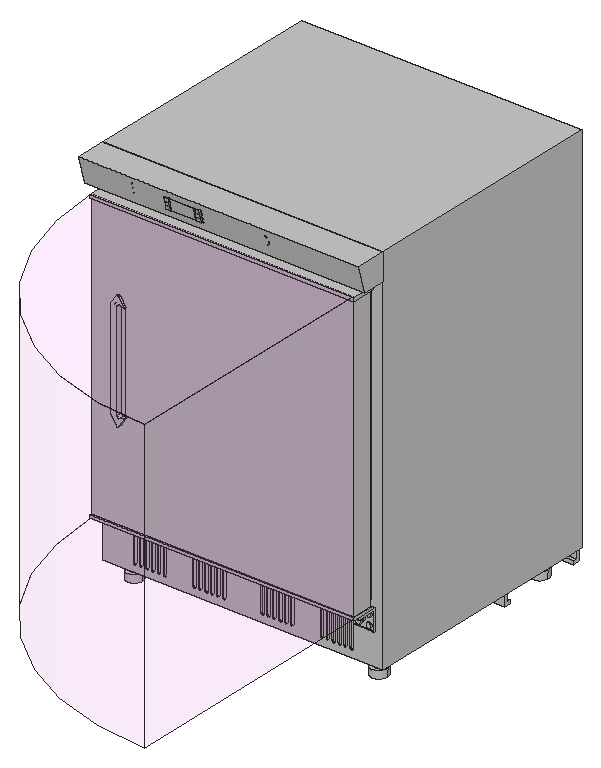
Revit family "QF_Kelvinator_738324_KCHUC23F_1-Solid_Door_ADA_Height_Under_Counter_Freezer_24_Long", category Specialty Equipment, Revit 2021
Family settings
  Round Connector Dimension = Use Diameter
  Part Type = Normal
  Work Plane-Based = No
  Always vertical = Yes
  Cut with Voids When Loaded = No
  Shared = No
  Room Calculation Point = No
Parameters
  Weight in Pounds = 101.413
  Watts = 200 W
  Volts = 115 V
  URL Cutsheet = ""
  Specification by User = ""
  Specification by Manufacturer = ""
  Show Clearance [instance] = yes
  Serial Number = ""
  Seismic Rating = ""
  SMACNA No = ""
  Revision Code = ""
  Refrigerant Type = "R290"
  Phase = 1
  Number of Poles = 1
  NAFEM Spec ID Number = ""
  Model = "738324 (KCHUC23F)"
  Min Ckt Ampacity = 0 A
  Max Overcurrent Protection = 0 A
  Masterspec = ""
  Manufacturer = "Kelvinator Commercial"
  Length = 23.622"
  Item Number = "738324"
  Installed By = ""
  Identify Quantity as Lot = yes
  Height = 33.03125"
  HP = "1/4"
  Furnished By = ""
  Foodservice Equipment Identifier = yes
  FL Amps = 2 A
  Electrical Remarks = ""
  Electric Connection Type = ""
  Elec Conn RI Height = 0.000"
  Elec Conn Connection Height = 0.000"
  Description = "1-Solid Door ADA Height Under Counter Freezer 24\" Long"
  Depth = 23.425"
  Default Elevation = 0.000"
  Cycle = 60 Hz
  Conn Plug = "5-15P"
  Conn Conduit = yes
  CSI MasterFormat = ""
  Apparent Power = 0 VA
Reference planes (in)
  plane 1 "BACK": y = 0
  plane 2: z = 0
  plane 3 "LEFT": x = 0
  plane 4 "RIGHT": x = 23.622
  plane 5 "FRONT": y = -23.425
  plane 6 "TOP": z = 33.03125
  plane 7 "Center Y": x = 11.811
  plane 8 "Center X": y = -11.7125
Dimensions and locks (in)
  equal spacing: plane 3 "LEFT", plane 7 "Center Y", plane 4 "RIGHT"
  "Length": plane 3 "LEFT" to plane 4 "RIGHT"
  equal spacing: plane 5 "FRONT", plane 8 "Center X", plane 1 "BACK"
  "Depth": plane 5 "FRONT" to plane 1 "BACK"
  "Height": plane 6 "TOP" to level
  aligned and locked: level to plane 2
Nested families (in)
  nested 1: "KCHRI25R1DRE" at (0, 0, 0), Show Clearance <- "Show Clearance", type "KCHRI25R1DRE"
    with Show Clearance yes
Connectors (in)
  electrical at (11.8125, 0.13, 2.5), driven by "Volts", driven by "Watts"
    settings: on nested 1, index 1, voltage 115 V, apparent load 200 VA, apparent load phase1 0 VA, apparent load phase2 0 VA, apparent load phase3 0 VA, power factor 1, load classification "Other", number of poles 1, system type 30, power factor state 1, is connector primary yes, connector utility no, sub classification motor no, connector description ""
Definition of nested family "KCHRI25R1DRE"
  Parameters (values of type "KCHRI25R1DRE")
    Weight in Pounds = 0
    URL Cutsheet = ""
    Specification by User = ""
    Specification by Manufacturer = ""
    Show Clearance [instance] = yes
    Serial Number = ""
    Seismic Rating = ""
    SMACNA No = ""
    Revision Code = ""
    NAFEM Spec ID Number = ""
    Masterspec = ""
    Length = 23.622"
    Item Number = ""
    Installed By = ""
    Identify Quantity as Lot = yes
    Height = 33.03125"
    Furnished By = ""
    Foodservice Equipment Identifier = yes
    Depth = 23.425"
    Default Elevation = 0.000"
    CSI MasterFormat = ""
  Reference planes (in)
    plane 1 "BACK": y = 0
    plane 2: z = 0
    plane 3 "LEFT": x = 0
    plane 4 "RIGHT": x = 23.622
    plane 5 "FRONT": y = -23.425
    plane 6 "TOP": z = 33.03125
    plane 7 "Center Y": x = 11.811
    plane 8 "Center X": y = -11.7125
    plane 9: y = -45.07
    plane 10: z = 30.79125
    plane 11: z = 2
    plane 12: y = -20.9
    plane 13: through (0, -24.0379, 35.3373) normal (0, 0.9659, 0.2588)
  Forms (in)
    Extrusion 1, solid
      sketch origin (0, 0, 0) x (0, 1, 0) y (0, 0, 1)
        loop
          line (-20.9, 33.03125) -> (-20.9, 1.5) -> (0, 1.5) -> (0, 33.03125) -> (-20.9, 33.03125)
      from 0 to 23.625
    Extrusion 2, solid
      sketch origin (0, -24.06217, 35.42785) x (0, -0.258819, 0.965926) y (1, 0, 0)
        loop
          line (-3.01321, 6.99599) -> (-3.01321, 10.1456) -> (-4.19431, 10.1456) -> (-4.19431, 6.99599) -> (-3.01321, 6.99599)
        loop
          line (-3.08986, 7.07473) -> (-3.08986, 7.46843) -> (-3.409, 7.46843) -> (-3.409, 7.07473) -> (-3.08986, 7.07473)
        loop
          line (-3.44419, 7.07473) -> (-3.44419, 7.46843) -> (-3.76333, 7.46843) -> (-3.76333, 7.07473) -> (-3.44419, 7.07473)
        loop
          line (-3.79852, 7.07473) -> (-3.79852, 7.46843) -> (-4.11766, 7.46843) -> (-4.11766, 7.07473) -> (-3.79852, 7.07473)
        loop
          line (-3.08986, 10.06686) -> (-3.409, 10.06686) -> (-3.409, 9.67316) -> (-3.08986, 9.67316) -> (-3.08986, 10.06686)
        loop
          line (-3.44419, 10.06686) -> (-3.76333, 10.06686) -> (-3.76333, 9.67316) -> (-3.44419, 9.67316) -> (-3.44419, 10.06686)
        loop
          line (-3.79852, 10.06686) -> (-4.11766, 10.06686) -> (-4.11766, 9.67316) -> (-3.79852, 9.67316) -> (-3.79852, 10.06686)
        loop
          line (-3.08986, 7.54592) -> (-3.08986, 9.59567) -> (-4.11377, 9.59567) -> (-4.11377, 7.54592) -> (-3.08986, 7.54592)
      from 0.07874 to -0.04602
    Extrusion 3, solid
      sketch origin (0, -24.06217, 35.42785) x (0, -0.258819, 0.965926) y (1, 0, 0)
        loop
          line (-3.08986, 9.67316) -> (-3.08986, 10.06686) -> (-3.409, 10.06686) -> (-3.409, 9.67316) -> (-3.08986, 9.67316)
        loop
          line (-3.44419, 9.67316) -> (-3.44419, 10.06686) -> (-3.76333, 10.06686) -> (-3.76333, 9.67316) -> (-3.44419, 9.67316)
        loop
          line (-3.79852, 9.67316) -> (-3.79852, 10.06686) -> (-4.11766, 10.06686) -> (-4.11766, 9.67316) -> (-3.79852, 9.67316)
        loop
          line (-3.08986, 7.46843) -> (-3.409, 7.46843) -> (-3.409, 7.07473) -> (-3.08986, 7.07473) -> (-3.08986, 7.46843)
        loop
          line (-3.44419, 7.46843) -> (-3.76333, 7.46843) -> (-3.76333, 7.07473) -> (-3.44419, 7.07473) -> (-3.44419, 7.46843)
        loop
          line (-3.79852, 7.46843) -> (-4.11766, 7.46843) -> (-4.11766, 7.07473) -> (-3.79852, 7.07473) -> (-3.79852, 7.46843)
      from 0 to -0.07874
    Extrusion 4, solid
      sketch origin (0, -24.06217, 35.42785) x (0, -0.258819, 0.965926) y (1, 0, 0)
        loop
          line (-3.08986, 7.54592) -> (-3.08986, 9.59567) -> (-4.11377, 9.59567) -> (-4.11377, 7.54592) -> (-3.08986, 7.54592)
      from 0 to -0.07874
    Extrusion 5, void
      sketch origin (0, -24.06217, 35.42785) x (0, 0.258819, -0.965926) y (1, 0, 0)
        loop
          line (3.01321, 6.99599) -> (4.19431, 6.99599) -> (4.19431, 10.1456) -> (3.01321, 10.1456) -> (3.01321, 6.99599)
      from 0 to 0.07874
    Extrusion 6, solid
      sketch origin (0, 0, -4.4425) x (0, 1, 0) y (0, 0, 1)
        loop
          line (-20.9, 37.47375) -> (-23.425, 37.47375) -> (-22.82479, 35.23375) -> (-20.9, 35.23375) -> (-20.9, 37.47375)
      from 0 to 23.625
    Extrusion 7, solid
      sketch origin (0, -24.06217, 35.42785) x (0, -0.258819, 0.965926) y (1, 0, 0)
        loop
          line (-2.96796, 3.80686) -> (-2.96796, 4.30686) -> (-4.21796, 4.30686) -> (-4.21796, 3.80686) -> (-2.96796, 3.80686)
        loop
          circle (-3.51997, 15.27975) r 0.5
      from 0 to 0.06
    Extrusion 8, void
      sketch origin (0, -20.9, 1.75) x (0, 0, -1) y (-1, 0, 0)
        loop
          line (-0.5, -2.59375) -> (-3.3125, -2.59375)
          arc (-3.3125, -2.59375) -> (-3.4751, -2.75635) -> (-3.3125, -2.91894) r 0.1626
          line (-3.3125, -2.91894) -> (-0.5, -2.91894)
          arc (-0.5, -2.91894) -> (-0.3374, -2.75635) -> (-0.5, -2.59375) r 0.1626
        loop
          line (-0.5, -3.09225) -> (-3.3125, -3.09225)
          arc (-3.3125, -3.09225) -> (-3.47585, -3.2556) -> (-3.3125, -3.41894) r 0.16335
          line (-3.3125, -3.41894) -> (-0.5, -3.41894)
          arc (-0.5, -3.41894) -> (-0.33665, -3.2556) -> (-0.5, -3.09225) r 0.16335
        loop
          line (-0.5, -3.59225) -> (-3.3125, -3.59225)
          arc (-3.3125, -3.59225) -> (-3.47585, -3.7556) -> (-3.3125, -3.91894) r 0.16335
          line (-3.3125, -3.91894) -> (-0.5, -3.91894)
          arc (-0.5, -3.91894) -> (-0.33665, -3.7556) -> (-0.5, -3.59225) r 0.16335
        loop
          line (-0.5, -4.09225) -> (-3.3125, -4.09225)
          arc (-3.3125, -4.09225) -> (-3.47585, -4.2556) -> (-3.3125, -4.41894) r 0.16335
          line (-3.3125, -4.41894) -> (-0.5, -4.41894)
          arc (-0.5, -4.41894) -> (-0.33665, -4.2556) -> (-0.5, -4.09225) r 0.16335
        loop
          line (-0.5, -4.59225) -> (-3.3125, -4.59225)
          arc (-3.3125, -4.59225) -> (-3.47585, -4.7556) -> (-3.3125, -4.91894) r 0.16335
          line (-3.3125, -4.91894) -> (-0.5, -4.91894)
          arc (-0.5, -4.91894) -> (-0.33665, -4.7556) -> (-0.5, -4.59225) r 0.16335
        loop
          line (-0.5, -5.09225) -> (-3.3125, -5.09225)
          arc (-3.3125, -5.09225) -> (-3.47585, -5.2556) -> (-3.3125, -5.41894) r 0.16335
          line (-3.3125, -5.41894) -> (-0.5, -5.41894)
          arc (-0.5, -5.41894) -> (-0.33665, -5.2556) -> (-0.5, -5.09225) r 0.16335
        loop
          line (-0.5, -7.59225) -> (-3.3125, -7.59225)
          arc (-3.3125, -7.59225) -> (-3.47585, -7.7556) -> (-3.3125, -7.91894) r 0.16335
          line (-3.3125, -7.91894) -> (-0.5, -7.91894)
          arc (-0.5, -7.91894) -> (-0.33665, -7.7556) -> (-0.5, -7.59225) r 0.16335
        loop
          line (-0.5, -8.09225) -> (-3.3125, -8.09225)
          arc (-3.3125, -8.09225) -> (-3.47585, -8.2556) -> (-3.3125, -8.41894) r 0.16335
          line (-3.3125, -8.41894) -> (-0.5, -8.41894)
          arc (-0.5, -8.41894) -> (-0.33665, -8.2556) -> (-0.5, -8.09225) r 0.16335
        loop
          line (-0.5, -8.59225) -> (-3.3125, -8.59225)
          arc (-3.3125, -8.59225) -> (-3.47585, -8.7556) -> (-3.3125, -8.91894) r 0.16335
          line (-3.3125, -8.91894) -> (-0.5, -8.91894)
          arc (-0.5, -8.91894) -> (-0.33665, -8.7556) -> (-0.5, -8.59225) r 0.16335
        loop
          line (-0.5, -9.09225) -> (-3.3125, -9.09225)
          arc (-3.3125, -9.09225) -> (-3.47585, -9.2556) -> (-3.3125, -9.41894) r 0.16335
          line (-3.3125, -9.41894) -> (-0.5, -9.41894)
          arc (-0.5, -9.41894) -> (-0.33665, -9.2556) -> (-0.5, -9.09225) r 0.16335
        loop
          line (-0.5, -9.59225) -> (-3.3125, -9.59225)
          arc (-3.3125, -9.59225) -> (-3.47585, -9.7556) -> (-3.3125, -9.91894) r 0.16335
          line (-3.3125, -9.91894) -> (-0.5, -9.91894)
          arc (-0.5, -9.91894) -> (-0.33665, -9.7556) -> (-0.5, -9.59225) r 0.16335
        loop
          line (-0.5, -10.09225) -> (-3.3125, -10.09225)
          arc (-3.3125, -10.09225) -> (-3.47585, -10.2556) -> (-3.3125, -10.41894) r 0.16335
          line (-3.3125, -10.41894) -> (-0.5, -10.41894)
          arc (-0.5, -10.41894) -> (-0.33665, -10.2556) -> (-0.5, -10.09225) r 0.16335
        loop
          arc (-0.5, -21.15475) -> (-0.33665, -20.9914) -> (-0.5, -20.82806) r 0.16335
          line (-0.5, -20.82806) -> (-3.3125, -20.82806)
          arc (-3.3125, -20.82806) -> (-3.47585, -20.9914) -> (-3.3125, -21.15475) r 0.16335
          line (-3.3125, -21.15475) -> (-0.5, -21.15475)
        loop
          arc (-0.5, -20.65475) -> (-0.33665, -20.4914) -> (-0.5, -20.32806) r 0.16335
          line (-0.5, -20.32806) -> (-3.3125, -20.32806)
          arc (-3.3125, -20.32806) -> (-3.47585, -20.4914) -> (-3.3125, -20.65475) r 0.16335
          line (-3.3125, -20.65475) -> (-0.5, -20.65475)
        loop
          arc (-0.5, -20.15475) -> (-0.33665, -19.9914) -> (-0.5, -19.82806) r 0.16335
          line (-0.5, -19.82806) -> (-3.3125, -19.82806)
          arc (-3.3125, -19.82806) -> (-3.47585, -19.9914) -> (-3.3125, -20.15475) r 0.16335
          line (-3.3125, -20.15475) -> (-0.5, -20.15475)
        loop
          arc (-0.5, -19.65475) -> (-0.33665, -19.4914) -> (-0.5, -19.32806) r 0.16335
          line (-0.5, -19.32806) -> (-3.3125, -19.32806)
          arc (-3.3125, -19.32806) -> (-3.47585, -19.4914) -> (-3.3125, -19.65475) r 0.16335
          line (-3.3125, -19.65475) -> (-0.5, -19.65475)
        loop
          arc (-0.5, -19.15475) -> (-0.33665, -18.9914) -> (-0.5, -18.82806) r 0.16335
          line (-0.5, -18.82806) -> (-3.3125, -18.82806)
          arc (-3.3125, -18.82806) -> (-3.47585, -18.9914) -> (-3.3125, -19.15475) r 0.16335
          line (-3.3125, -19.15475) -> (-0.5, -19.15475)
        loop
          arc (-0.5, -18.65475) -> (-0.33665, -18.4914) -> (-0.5, -18.32806) r 0.16335
          line (-0.5, -18.32806) -> (-3.3125, -18.32806)
          arc (-3.3125, -18.32806) -> (-3.47585, -18.4914) -> (-3.3125, -18.65475) r 0.16335
          line (-3.3125, -18.65475) -> (-0.5, -18.65475)
        loop
          arc (-0.5, -16.15475) -> (-0.33665, -15.9914) -> (-0.5, -15.82806) r 0.16335
          line (-0.5, -15.82806) -> (-3.3125, -15.82806)
          arc (-3.3125, -15.82806) -> (-3.47585, -15.9914) -> (-3.3125, -16.15475) r 0.16335
          line (-3.3125, -16.15475) -> (-0.5, -16.15475)
        loop
          arc (-0.5, -15.65475) -> (-0.33665, -15.4914) -> (-0.5, -15.32806) r 0.16335
          line (-0.5, -15.32806) -> (-3.3125, -15.32806)
          arc (-3.3125, -15.32806) -> (-3.47585, -15.4914) -> (-3.3125, -15.65475) r 0.16335
          line (-3.3125, -15.65475) -> (-0.5, -15.65475)
        loop
          arc (-0.5, -15.15475) -> (-0.33665, -14.9914) -> (-0.5, -14.82806) r 0.16335
          line (-0.5, -14.82806) -> (-3.3125, -14.82806)
          arc (-3.3125, -14.82806) -> (-3.47585, -14.9914) -> (-3.3125, -15.15475) r 0.16335
          line (-3.3125, -15.15475) -> (-0.5, -15.15475)
        loop
          arc (-0.5, -14.65475) -> (-0.33665, -14.4914) -> (-0.5, -14.32806) r 0.16335
          line (-0.5, -14.32806) -> (-3.3125, -14.32806)
          arc (-3.3125, -14.32806) -> (-3.47585, -14.4914) -> (-3.3125, -14.65475) r 0.16335
          line (-3.3125, -14.65475) -> (-0.5, -14.65475)
        loop
          arc (-0.5, -14.15475) -> (-0.33665, -13.9914) -> (-0.5, -13.82806) r 0.16335
          line (-0.5, -13.82806) -> (-3.3125, -13.82806)
          arc (-3.3125, -13.82806) -> (-3.47585, -13.9914) -> (-3.3125, -14.15475) r 0.16335
          line (-3.3125, -14.15475) -> (-0.5, -14.15475)
        loop
          arc (-0.5, -13.65475) -> (-0.33665, -13.4914) -> (-0.5, -13.32806) r 0.16335
          line (-0.5, -13.32806) -> (-3.3125, -13.32806)
          arc (-3.3125, -13.32806) -> (-3.47585, -13.4914) -> (-3.3125, -13.65475) r 0.16335
          line (-3.3125, -13.65475) -> (-0.5, -13.65475)
      from 0 to 0.03
    Extrusion 9, solid
      sketch origin (0, 0, 0) x (0, 1, 0) y (0, 0, 1)
        loop
          line (-0.25, 1.5) -> (-0.55, 1.5) -> (-0.55, 0.9) -> (-0.85, 0.9) -> (-0.85, 0.6) -> (-0.25, 0.6) -> (-0.25, 1.5)
        loop
          line (-8.14417, 1.5) -> (-8.14417, 0.6) -> (-7.54417, 0.6) -> (-7.54417, 0.9) -> (-7.84417, 0.9) -> (-7.84417, 1.5) -> (-8.14417, 1.5)
      from 0 to 23.622
    Extrusion 10, solid
      sketch origin (11.811, 6.90541, 48.75) x (0, 1, 0) y (0, 0, 1)
        loop
          line (-28.19541, -18.96875) -> (-28.19541, -42.37723) -> (-27.80541, -42.37723) -> (-27.80541, -18.96875) -> (-28.19541, -18.96875)
      from -10.75 to 10.75
    Extrusion 11, solid
      sketch origin (23.225, -180, 5.74631) x (0, 0, 1) y (0, -1, 0)
        loop
          arc (0.13369, -157.44253) -> (0.06869, -157.37753) -> (0.00369, -157.44253) r 0.065
          line (0.00369, -157.44253) -> (0.00369, -158.97) -> (-1.53049, -158.97)
          arc (-1.53049, -158.97) -> (-1.59549, -159.035) -> (-1.53049, -159.1) r 0.065
          line (-1.53049, -159.1) -> (0.13369, -159.1) -> (0.13369, -157.44253)
      from -0.28875 to -1.93696
    Extrusion 12, solid
      sketch origin (23.225, -21.03, 5.88) x (0, 0, -1) y (1, 0, 0)
        loop
          circle (0.48805, -0.65854) r 0.19641
        loop
          circle (0.48805, -1.51195) r 0.2
        loop
          circle (1.33739, -0.65854) r 0.2
        loop
          circle (1.33739, -1.51195) r 0.2
        loop
          line (1.13, -1.16094) -> (1.13, -1.06477) -> (0.13, -1.06477) -> (0.13, -1.16094) -> (1.13, -1.16094)
      from 0 to 0.0825
    Extrusion 13, solid
      sketch origin (0, -20.9, 2.25) x (0, 0, 1) y (-1, 0, 0)
        loop
          circle (3.14195, -1.05854) r 0.19641
        loop
          circle (3.14195, -1.91195) r 0.2
        loop
          circle (2.29261, -1.05854) r 0.2
        loop
          circle (2.29261, -1.91195) r 0.2
      from 0 to 0.0825
    Revolve 14, solid
      sketch origin (0, -19.42, 1.5) x (0, 0, 1) y (1, 0, 0)
        loop
          line (0, 22.122) -> (0, 22.4345) -> (-0.9, 22.4345) -> (-0.9, 22.8095) -> (-1.5, 22.8095) -> (-1.5, 22.122) -> (0, 22.122)
        axis (-1.5, 22.122) -> (0, 22.122)
      angle from 0 to 360
    Revolve 15, solid
      sketch origin (23.625, -19.42, 1.5) x (0, 0, 1) y (1, 0, 0)
        loop
          line (0, -22.125) -> (-1.5, -22.125) -> (-1.5, -22.8125) -> (-0.9, -22.8125) -> (-0.9, -22.4375) -> (0, -22.4375) -> (0, -22.125)
        axis (-1.5, -22.125) -> (0, -22.125)
      angle from 0 to 360
    Revolve 16, solid
      sketch origin (0, -2.5, 1.5) x (0, 0, 1) y (-1, 0, 0)
        loop
          line (0, -22.122) -> (-1.5, -22.122) -> (-1.5, -22.8095) -> (-0.9, -22.8095) -> (-0.9, -22.4345) -> (0, -22.4345) -> (0, -22.122)
        axis (-1.5, -22.122) -> (0, -22.122)
      angle from 0 to 360
    Revolve 17, solid
      sketch origin (23.625, -2.5, 1.5) x (0, 0, 1) y (-1, 0, 0)
        loop
          line (0, 22.125) -> (0, 22.4375) -> (-0.9, 22.4375) -> (-0.9, 22.8125) -> (-1.5, 22.8125) -> (-1.5, 22.125) -> (0, 22.125)
        axis (-1.5, 22.125) -> (0, 22.125)
      angle from 0 to 360
    Extrusion 18, solid
      sketch origin (0, 0, 33.03125) x (0, 0, -1) y (-1, 0, 0)
        loop
          circle (30.53125, -11.8125) r 0.25
      from 0 to 0.13
  Cuts and joins
    Extrusion 5 cuts Extrusion 2
    Extrusion 8 cuts Extrusion 6
    Extrusion 8 cuts Extrusion 1
  Lines and regions (in)
    symbolic lines
      curve 1: line (0, -23.425, 0) -> (0, 0, 0)
      curve 2: line (23.622, 0, 0) -> (0, 0, 0)
      curve 3: line (23.622, -23.425, 0) -> (23.622, 0, 0)
      curve 4: line (23.622, -20.9, 0) -> (0, -20.9, 0)
      curve 5: line (0, -23.425, 0) -> (23.622, -23.425, 0)
      curve 6: line (3.80686, -23.485, 0) -> (4.30686, -23.485, 0)
      curve 7: line (4.30686, -23.485, 0) -> (4.30686, -23.425, 0)
      curve 8: line (3.80686, -23.485, 0) -> (3.80686, -23.425, 0)
      curve 9: line (6.65374, -23.47102, 0) -> (9.80185, -23.47102, 0)
      curve 10: line (9.80185, -23.47102, 0) -> (9.80185, -23.425, 0)
      curve 11: line (6.65374, -23.47102, 0) -> (6.65374, -23.425, 0)
      curve 12: line (11.311, -23.485, 0) -> (12.311, -23.485, 0)
      curve 13: line (12.311, -23.485, 0) -> (12.311, -23.425, 0)
      curve 14: line (11.311, -23.485, 0) -> (11.311, -23.425, 0)
  Dimensions and locks (in)
    equal spacing: plane 3 "LEFT", plane 7 "Center Y", plane 4 "RIGHT"
    "Length": plane 3 "LEFT" to plane 4 "RIGHT"
    equal spacing: plane 5 "FRONT", plane 8 "Center X", plane 1 "BACK"
    "Depth": plane 5 "FRONT" to plane 1 "BACK"
    "Height": plane 6 "TOP" to level
    plane 9 to plane 1 "BACK" = 45.070"
    plane 6 "TOP" to level = 33.03125"
    plane 3 "LEFT" to plane 4 "RIGHT" = 23.622"
    plane 5 "FRONT" to plane 1 "BACK" = 23.425"
    plane 12 to plane 1 "BACK" = 20.900"
    aligned and locked: level to plane 2
    aligned and locked: Extrusion 9 to plane 4 "RIGHT"
    aligned and locked: plane 13 to cut or joined group of Extrusion 6, Extrusion 8
  Automatic sketch dimensions
    Extrusion 1 sketch curve to plane 12 = 0.000"
    Extrusion 1 sketch curve to plane 1 "BACK" = 0.000"
    Extrusion 1 sketch curve to plane 6 "TOP" = 0.000"
    level to Extrusion 1 sketch curve = 1.500"
    Extrusion 2 sketch curve to plane 7 "Center Y" = 4.81501"
    Extrusion 2 sketch curve to Extrusion 2 sketch curve = 0.07665"  (x3)
    Extrusion 2 sketch curve to Extrusion 2 sketch curve = 0.00389"
    Extrusion 2 sketch curve to Extrusion 2 sketch curve = 0.31914"  (x6)
    Extrusion 2 sketch curve to Extrusion 2 sketch curve = 0.03519"  (x4)
    Extrusion 2 sketch curve to Extrusion 2 sketch curve = 0.000"  (x7)
    Extrusion 2 sketch curve to Extrusion 2 sketch curve = 0.07874"  (x3)
    Extrusion 2 sketch curve to Extrusion 2 sketch curve = 0.3937"  (x2)
    Extrusion 2 sketch curve to Extrusion 2 sketch curve = 0.07748"  (x3)
    Extrusion 2 sketch curve to Extrusion 2 sketch curve = 2.04976"
    Extrusion 3 sketch curve to plane 7 "Center Y" = 4.73627"
    Extrusion 3 sketch curve to Extrusion 3 sketch curve = 0.000"  (x9)
    Extrusion 3 sketch curve to Extrusion 3 sketch curve = 0.31914"  (x6)
    Extrusion 3 sketch curve to Extrusion 3 sketch curve = 0.03519"  (x4)
    Extrusion 3 sketch curve to Extrusion 3 sketch curve = 0.3937"  (x2)
    Extrusion 3 sketch curve to plane 7 "Center Y" = 2.13784"
    Extrusion 4 sketch curve to plane 7 "Center Y" = 4.26508"
    Extrusion 4 sketch curve to Extrusion 4 sketch curve = 1.02391"
    Extrusion 4 sketch curve to Extrusion 4 sketch curve = 2.04976"
    Extrusion 5 sketch curve to plane 7 "Center Y" = 1.6654"
    Extrusion 5 sketch curve to Extrusion 5 sketch curve = 1.1811"
    Extrusion 5 sketch curve to Extrusion 5 sketch curve = 3.14961"
    plane 3 "LEFT" to Extrusion 7 sketch curve = 4.30686"
    plane 7 "Center Y" to Extrusion 7 sketch curve = 3.46875"
    Extrusion 7 sketch curve to Extrusion 7 sketch curve = 0.69799"
    Extrusion 7 sketch curve to Extrusion 7 sketch curve = 1.250"
    Extrusion 7 sketch curve to Extrusion 7 sketch curve = 0.500"
    plane 3 "LEFT" to Extrusion 8 sketch curve = 2.59375"
    level to Extrusion 8 sketch curve = 5.0625"  (x2)
    plane 7 "Center Y" to Extrusion 8 sketch curve = 1.6804"
    Extrusion 8 sketch curve to Extrusion 8 sketch curve = 0.000"  (x42)
    Extrusion 8 sketch curve to Extrusion 8 sketch curve = 2.8125"  (x4)
    Extrusion 8 sketch curve to Extrusion 8 sketch curve = 0.16335"  (x23)
    Extrusion 8 sketch curve to Extrusion 8 sketch curve = 0.17331"  (x20)
    Extrusion 8 sketch curve to Extrusion 8 sketch curve = 2.17331"  (x2)
    Extrusion 8 sketch curve to plane 7 "Center Y" = 1.39206"
    level to Extrusion 9 sketch curve = 1.500"  (x2)
    plane 8 "Center X" to Extrusion 9 sketch curve = 3.56833"
    Extrusion 9 sketch curve to Extrusion 9 sketch curve = 0.300"  (x5)
    plane 1 "BACK" to Extrusion 9 sketch curve = 0.850"
    plane 1 "BACK" to Extrusion 9 sketch curve = 0.250"
    Extrusion 9 sketch curve to Extrusion 9 sketch curve = 0.600"  (x2)
    Extrusion 10 sketch curve to plane 12 = 0.000"
    Extrusion 10 sketch curve to Extrusion 10 sketch curve = 0.390"
    level to Extrusion 10 sketch curve = 6.37277"
    Extrusion 10 sketch curve to plane 6 "TOP" = 3.250"
    Extrusion 11 sketch curve to plane 12 = 0.000"
    Extrusion 11 sketch curve to plane 12 = 0.130"
    level to Extrusion 11 sketch curve = 4.21581"
    Extrusion 11 sketch curve to Extrusion 11 sketch curve = 1.53419"
    Extrusion 11 sketch curve to Extrusion 11 sketch curve = 0.065"
    Extrusion 11 sketch curve to plane 5 "FRONT" = 0.86753"
    Extrusion 12 sketch curve to Extrusion 11 = 0.000"
    Extrusion 11 to Extrusion 12 sketch curve = 0.35805"  (x2)
    Extrusion 12 sketch curve to Extrusion 11 = 0.53419"
    Extrusion 12 sketch curve to Extrusion 11 = 0.3268"  (x2)
    Extrusion 11 to Extrusion 12 sketch curve = 0.42502"  (x2)
    Extrusion 12 sketch curve to Extrusion 12 sketch curve = 0.351"
    Extrusion 12 sketch curve to Extrusion 12 sketch curve = 0.09617"
    Extrusion 11 to Extrusion 12 sketch curve = 0.36979"  (x2)
    Extrusion 1 to Extrusion 13 sketch curve = 1.05854"
    Extrusion 13 sketch curve to Extrusion 1 = 3.04261"
    Extrusion 13 sketch curve to Extrusion 13 sketch curve = 0.000"  (x3)
    Extrusion 13 sketch curve to Extrusion 13 sketch curve = 0.84934"  (x2)
    Extrusion 13 sketch curve to Extrusion 13 sketch curve = 0.8534"
    Revolve 14 sketch curve to level = 0.000"  (x2)
    level to Revolve 14 sketch curve = 0.600"
    Revolve 14 sketch curve to Revolve 14 sketch curve = 0.900"
    plane 4 "RIGHT" to Revolve 14 sketch curve = 1.500"
    Revolve 14 sketch curve to Revolve 14 sketch curve = 0.3125"
    Revolve 14 sketch curve to Revolve 14 sketch curve = 0.6875"
    Revolve 14 sketch curve to Revolve 14 sketch curve = 0.36907"
    Revolve 14 sketch curve to Revolve 14 sketch curve = 0.000"
    Revolve 15 sketch curve to level = 0.000"  (x2)
    level to Revolve 15 sketch curve = 0.600"
    Revolve 15 sketch curve to Revolve 15 sketch curve = 0.900"
    plane 3 "LEFT" to Revolve 15 sketch curve = 0.8125"
    Revolve 15 sketch curve to Revolve 15 sketch curve = 0.375"
    Revolve 15 sketch curve to Revolve 15 sketch curve = 0.3125"
    Revolve 15 sketch curve to Revolve 15 sketch curve = 0.36907"
    Revolve 15 sketch curve to Revolve 15 sketch curve = 0.000"
    Revolve 16 sketch curve to level = 0.000"  (x2)
    level to Revolve 16 sketch curve = 0.600"
    Revolve 16 sketch curve to Revolve 16 sketch curve = 0.900"
    plane 4 "RIGHT" to Revolve 16 sketch curve = 0.8125"
    Revolve 16 sketch curve to Revolve 16 sketch curve = 0.375"
    Revolve 16 sketch curve to Revolve 16 sketch curve = 0.3125"
    Revolve 16 sketch curve to Revolve 16 sketch curve = 0.36907"
    Revolve 16 sketch curve to Revolve 16 sketch curve = 0.000"
    Revolve 17 sketch curve to level = 0.000"  (x2)
    level to Revolve 17 sketch curve = 0.600"
    Revolve 17 sketch curve to Revolve 17 sketch curve = 0.900"
    plane 3 "LEFT" to Revolve 17 sketch curve = 1.500"
    Revolve 17 sketch curve to Revolve 17 sketch curve = 0.3125"
    Revolve 17 sketch curve to Revolve 17 sketch curve = 0.6875"
    Revolve 17 sketch curve to Revolve 17 sketch curve = 0.36907"
    Revolve 17 sketch curve to Revolve 17 sketch curve = 0.000"
    plane 1 "BACK" to curve 1 = 0.000"
    curve 1 to plane 3 "LEFT" = 0.000"
    plane 5 "FRONT" to curve 8 = 0.000"
    curve 3 to plane 4 "RIGHT" = 0.000"
    curve 4 to plane 12 = 0.000"
    plane 5 "FRONT" to curve 6 = 0.060"
    plane 3 "LEFT" to curve 6 = 3.80686"
    curve 6 to curve 7 = 0.500"
    plane 5 "FRONT" to curve 9 = 0.04602"
    curve 6 to curve 9 = 2.34688"
    curve 10 to plane 7 "Center Y" = 2.00915"
    plane 5 "FRONT" to curve 14 = 0.060"
    curve 14 to plane 7 "Center Y" = 0.500"
    plane 7 "Center Y" to curve 13 = 0.500"
    Extrusion 6 sketch curve to plane 5 "FRONT" = 0.000"
    Extrusion 6 sketch curve to plane 10 = 0.000"
    Extrusion 6 sketch curve to plane 6 "TOP" = 0.000"
    Extrusion 6 sketch curve to plane 12 = 0.000"
    Extrusion 6 sketch curve to plane 5 "FRONT" = 0.60021"
    Extrusion 1 to Extrusion 18 sketch curve = 1.000"
    Extrusion 1 to Extrusion 18 sketch curve = 11.8125"
    radius of Extrusion 7 sketch curve = 0.500"
    radius of Extrusion 12 sketch curve = 0.19641"
    radius of Extrusion 12 sketch curve = 0.200"  (x3)
    radius of Extrusion 13 sketch curve = 0.19641"
    radius of Extrusion 13 sketch curve = 0.200"  (x3)
    radius of Extrusion 18 sketch curve = 0.250"
  Nested families (in)
    nested 1: "Family4" at (0.7825, -21.29, 5.88), Show Clearance <- "Show Clearance", type "Family4"
  Definition of nested family "Family4"
    Parameters (values of type "Family4")
      Weight in Pounds = 0
      URL Cutsheet = ""
      Specification by User = ""
      Specification by Manufacturer = ""
      Show Clearance [instance] = yes
      Serial Number = ""
      Seismic Rating = ""
      SMACNA No = ""
      Revision Code = ""
      NAFEM Spec ID Number = ""
      Masterspec = ""
      Length = 22.060"
      Item Number = ""
      Installed By = ""
      Identify Quantity as Lot = yes
      Height = 24.39844"
      Furnished By = ""
      Foodservice Equipment Identifier = yes
      Depth = 1.720"
      Default Elevation = 0.000"
      CSI MasterFormat = ""
    Reference planes (in)
      plane 1 "BACK": y = 0
      plane 2: z = 0
      plane 3 "LEFT": x = 0
      plane 4 "RIGHT": x = 22.06
      plane 5 "FRONT": y = -1.72
      plane 6 "TOP": z = 24.39844
      plane 7 "Center Y": x = 11.03
      plane 8 "Center X": y = -0.86
      plane 9: y = -2.27
    Forms (in)
      Extrusion 1, solid
        sketch origin (0, 0, 0) x (1, 0, 0) y (0, 0, 1)
          loop
            line (0, 24.39844) -> (0, 0) -> (22.06, 0) -> (22.06, 24.39844) -> (0, 24.39844)
        from 0 to 1.72
      Extrusion 2, void
        sketch origin (0, -1.72, -17.62578) x (-1, 0, 0) y (0, 0, 1)
          loop
            line (-1.94791, 26.10318) -> (-1.94791, 34.45318) -> (-2.28604, 34.99418)
            arc (-2.28604, 34.99418) -> (-2.38541, 35.04926) -> (-2.48479, 34.99418) r 0.11719
            line (-2.48479, 34.99418) -> (-2.82291, 34.45318) -> (-2.82291, 26.10318) -> (-2.48621, 25.56446)
            arc (-2.48621, 25.56446) -> (-2.38541, 25.50859) -> (-2.28462, 25.56446) r 0.11887
            line (-2.28462, 25.56446) -> (-1.94791, 26.10318)
        from 0 to 0.31887
      Extrusion 3, solid
        sketch origin (-10.88143, -0.86, 48) x (-1, 0, 0) y (0, 0, 1)
          loop
            line (-10.78768, -23.60156) -> (-33.03518, -23.60156) -> (-33.03518, -23.85156) -> (-10.78768, -23.85156) -> (-10.78768, -23.60156)
          loop
            line (-10.78768, -48) -> (-10.78768, -47.75) -> (-33.03518, -47.75) -> (-33.03518, -48) -> (-10.78768, -48)
        from -1 to 1
      Extrusion 4, solid
        sketch origin (0, -1.40113, -17.62578) x (1, 0, 0) y (0, 0, 1)
          loop
            arc (2.35979, 35.19418) -> (2.26041, 35.24926) -> (2.16104, 35.19418) r 0.11719
            line (2.16104, 35.19418) -> (1.69791, 34.45318) -> (1.69791, 26.10316) -> (2.15961, 25.36448)
            arc (2.15961, 25.36448) -> (2.26037, 25.30863) -> (2.36114, 25.36447) r 0.11884
            line (2.36114, 25.36447) -> (2.82291, 26.10316) -> (2.33995, 25.97375) -> (2.16317, 26.15053) -> (2.16317, 34.40581) -> (2.33995, 34.58259) -> (2.82291, 34.45318) -> (2.35979, 35.19418)
        from 0 to 0.45887
      Extrusion 5, solid, visible <- "Show Clearance"
        sketch origin (0, 0, 0) x (1, 0, 0) y (0, 1, 0)
          loop
            arc (0, -1.72) -> (6.46122, -17.31878) -> (22.06, -23.78) r 22.06
            line (22.06, -23.78) -> (22.06, -1.72) -> (0, -1.72)
        from 0 to 24.39844
    Cuts and joins
      Extrusion 2 cuts Extrusion 1
      joined: Extrusion 1, Extrusion 3
    Lines and regions (in)
      symbolic lines, visible <- "Show Clearance"
        curve 1: arc (0.00686, -2.27, 0) -> (0.86335, -7.83111, 0) -> (3.09883, -12.99465, 0) r 22.06
        curve 2: line (21.13504, -2.27, 0) -> (3.09883, -12.99465, 0)
    Dimensions and locks (in)
      equal spacing: plane 3 "LEFT", plane 7 "Center Y", plane 4 "RIGHT"
      "Length": plane 3 "LEFT" to plane 4 "RIGHT"
      equal spacing: plane 5 "FRONT", plane 8 "Center X", plane 1 "BACK"
      "Depth": plane 5 "FRONT" to plane 1 "BACK"
      "Height": plane 6 "TOP" to level
      plane 4 "RIGHT" to plane 3 "LEFT" = 22.060"
      plane 5 "FRONT" to plane 1 "BACK" = 1.720"
      aligned and locked: level to plane 2
    Automatic sketch dimensions
      Extrusion 1 sketch curve to level = 0.000"
      Extrusion 1 sketch curve to plane 3 "LEFT" = 0.000"
      plane 4 "RIGHT" to Extrusion 1 sketch curve = 0.000"
      Extrusion 1 sketch curve to plane 6 "TOP" = 0.000"
      Extrusion 2 sketch curve to Extrusion 1 = 1.94791"
      Extrusion 2 sketch curve to Extrusion 2 sketch curve = 0.3367"  (x2)
      Extrusion 2 sketch curve to Extrusion 2 sketch curve = 0.33813"
      Extrusion 2 sketch curve to Extrusion 2 sketch curve = 0.1008"  (x2)
      Extrusion 2 sketch curve to Extrusion 2 sketch curve = 0.09937"  (x2)
      Extrusion 2 sketch curve to Extrusion 1 = 7.93868"
      Extrusion 2 sketch curve to Extrusion 2 sketch curve = 0.063"
      Extrusion 2 sketch curve to Extrusion 2 sketch curve = 0.53872"  (x2)
      Extrusion 2 sketch curve to Extrusion 2 sketch curve = 8.350"
      Extrusion 2 sketch curve to Extrusion 2 sketch curve = 0.000"
      Extrusion 2 sketch curve to Extrusion 2 sketch curve = 0.47889"
      Extrusion 2 sketch curve to Extrusion 2 sketch curve = 0.06211"
      Extrusion 3 sketch curve to plane 6 "TOP" = 0.000"
      Extrusion 3 sketch curve to level = 0.000"
      Extrusion 3 sketch curve to plane 4 "RIGHT" = 0.09375"  (x2)
      Extrusion 3 sketch curve to plane 3 "LEFT" = 0.09375"  (x2)
      level to Extrusion 3 sketch curve = 0.250"
      Extrusion 3 sketch curve to Extrusion 3 sketch curve = 0.250"
      Extrusion 2 to Extrusion 4 sketch curve = 0.000"  (x2)
      Extrusion 4 sketch curve to Extrusion 2 = 0.000"  (x2)
      Extrusion 2 to Extrusion 4 sketch curve = 0.41323"
      Extrusion 2 to Extrusion 4 sketch curve = 0.41187"
      Extrusion 2 to Extrusion 4 sketch curve = 0.39204"  (x2)
      Extrusion 4 sketch curve to Extrusion 4 sketch curve = 0.09937"  (x2)
      Extrusion 4 sketch curve to Extrusion 4 sketch curve = 0.10077"  (x2)
      Extrusion 2 to Extrusion 4 sketch curve = 0.21526"
      Extrusion 4 sketch curve to Extrusion 2 = 0.250"
      Extrusion 4 sketch curve to Extrusion 4 sketch curve = 0.04737"  (x4)
      Extrusion 4 sketch curve to Extrusion 4 sketch curve = 8.25528"
      Extrusion 4 sketch curve to Extrusion 4 sketch curve = 0.17678"  (x2)
      Extrusion 4 sketch curve to Extrusion 4 sketch curve = 0.54629"
      Extrusion 4 sketch curve to Extrusion 4 sketch curve = 0.06298"
      Extrusion 4 sketch curve to Extrusion 4 sketch curve = 0.06211"
      Extrusion 5 sketch curve to plane 3 "LEFT" = 0.000"
      Extrusion 5 sketch curve to plane 4 "RIGHT" = 0.000"
      plane 5 "FRONT" to Extrusion 5 sketch curve = 0.000"
      curve 1 to plane 9 = 0.000"
      curve 2 to plane 9 = 0.000"
      curve 1 to plane 4 "RIGHT" = 0.000"
      plane 5 "FRONT" to curve 1 = 0.000"
      plane 3 "LEFT" to curve 2 = 3.09883"
      curve 2 to plane 9 = 10.72465"
      plane 4 "RIGHT" to curve 2 = 0.92496"
